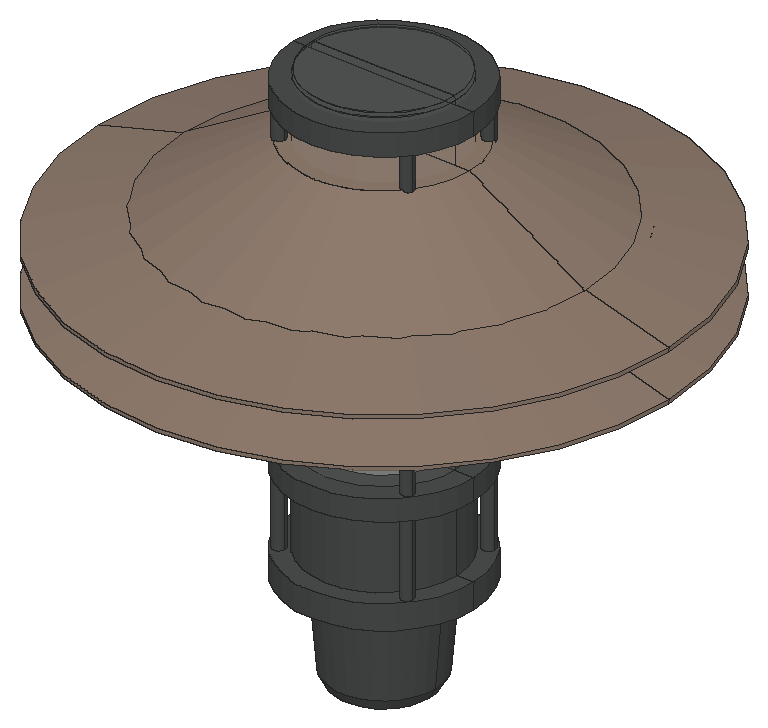
Revit family "SP2", category Lighting Fixtures, host Face, Revit 2014
Parameters
  Wattage Comments = "21"  # constant formula
  Wattage = 21 W
  Watt [instance] = 21 W
  built-in parameter 1150110 = 1 (stored number, unit not read)
  Voltage = 120 V
  URL = "https://www.hubbell.com/architecturalarealighting/en/"
  built-in parameter 1114217 = 1 (stored number, unit not read)
  Tilt Angle = 0.00°
  built-in parameter 1150109 = 1 (stored number, unit not read)
  built-in parameter 1150134 = 3
  built-in parameter 1150113 = 1 (stored number, unit not read)
  Straight Hood [instance] = yes
  Product Page URL = "https://www.hubbell.com/architecturalarealighting/en/Products/Lighting-Controls/Commercial-Outdoor-Lighting/Decorative-Post-Top/Spectra-Small/p/220842"
  Product Documentation Link = "https://hubbellcdn.com/specsheet/aal_sp2_led_spec.pdf"
  Photometric Web File = "SP2-ANG-GLA-9LED-BW.IES"
  Outter Dia = 23.50"
  Model = "SP2"  # constant formula
  Manufacturer = "Architectural Area Lighting"  # constant formula
  built-in parameter 1150105 = 88.57 (stored number, unit not read)
  Lumens = 1113 lm
  built-in parameter 1150115 = 1 (stored number, unit not read)
  Load Classification = Lighting
  built-in parameter 1150137 = (empty or 0)
  built-in parameter 1150139 = (empty or 0)
  Lens = Glass - Hubbell - White
  built-in parameter 1150112 = 1 (stored number, unit not read)
  built-in parameter 1150114 = 1 (stored number, unit not read)
  Lamp = "LED Lamp"  # constant formula
  Inner Dia = 16.00"
  built-in parameter 1150132 = (empty or 0)
  built-in parameter 1150102 = (empty or 0)
  built-in parameter 1150107 = 3200 (stored number, unit not read)
  built-in parameter 1150138 = (empty or 0)
  built-in parameter 1150106 = 0.8857 (stored number, unit not read)
  Hood = Hubbell-Aluminum-Metalic Bronze
  Height = 23.30"
  Glass = Hubbell-Glass-Frosted
  Flared Hood [instance] = yes
  Finish = Hubbell-Aluminum-Matte Black
  Features = "Four hood styles and four lens elements to configure a\r\nlook of harmony with your architecture\r\n• Symmetric or asymmetric distribution\r\n• Post-top, wall mount arm, or pole mount arm options\r\n• Adaptable appearance is perfect for contemporary or\r\ntraditional installations\r\n• Stainless steel struts\r\n• Powder coat finish in 13 standard colors with a polymer\r\nprimer sealer "  # constant formula
  Emit from Circle Diameter = 7.00"
  Emit Shape Visible in Rendering = no
  built-in parameter 1150104 = 4.9239 (stored number, unit not read)
  Double [instance] = yes
  Dimming Lamp Color Temperature Shift = <None>
  Description = "Spectra is designed to enhance contemporary environments during the day while producing comfortable illumination at night. 4 configurable styles of aluminum, natural brushed copper and or stainless steel hoods enable Spectra to carry the lighting designer's vision into a reality. Choice of diffused or indirect sources are capable of producing symmetric or asymmetric distributions. The Spectra family also includes a bollard and large scale luminaire."  # constant formula
  Default Elevation = 48.00"
  Create date = "07/02/2019"  # constant formula
  Contact us = "https://www.hubbell.com/architecturalarealighting/en/contactUs"
  Color Filter = 16777215
  built-in parameter 1114218 = 1 (stored number, unit not read)
  built-in parameter 1150133 = 10 (stored number, unit not read)
  Apparent Load = 0 VA
  Angled Hood [instance] = yes
Reference planes (in)
  plane 1 "Center (Front/Back)": y = 0
  plane 2: z = 0
  plane 3 "Center (Left/Right)": x = 0
  plane 4: x = -8
  plane 5: x = 8
  plane 6: x = 11.75
  plane 7: x = -11.75
  plane 8: z = 23.3
  plane 9: x = -3.75
  plane 10: x = 3.75
Forms (in)
  Revolve 1, solid, material "Hubbell-Glass-Frosted" <- "Glass"
    sketch origin (0, 0, 0) x (1, 0, 0) y (0, 0, 1)
      loop
        line (2.97855, 8.78791) -> (2.97855, 15.91291) -> (2.97855, 22.44322) -> (2.92603, 22.58753) -> (0, 22.58753) -> (0, 8.78791) -> (2.97855, 8.78791)
      axis (0, 22.58753) -> (0, 8.78791)
    angle from 0 to 360
  Revolve 2, solid, material "Hubbell-Aluminum-Metalic Bronze" <- "Hood", visible <- "Angled Hood"
    sketch origin (0, 0, 0) x (1, 0, 0) y (0, 0, 1)
      loop
        line (8.65, 15.8) -> (8.75, 15.8) -> (8.75, 17.05) -> (3.55385, 20.05) -> (0, 20.05) -> (0, 19.95) -> (3.52705, 19.95) -> (8.65, 16.99226) -> (8.65, 15.8)
      axis (0, 20.05) -> (0, 15.8)
    angle from 0 to 360
  Revolve 3, solid, material "Hubbell-Aluminum-Matte Black" <- "Finish"
    sketch origin (0, 0, 0) x (1, 0, 0) y (0, 0, 1)
      loop
        line (0, 3.91291) -> (3.72855, 3.91291) -> (3.72855, 4.91291) -> (0, 4.91291) -> (0, 3.91291)
      loop
        line (0, 7.91291) -> (3.72855, 7.91291) -> (3.72855, 8.78791) -> (0, 8.78791) -> (0, 7.91291)
      loop
        line (0, 21.41291) -> (3.72855, 21.41291) -> (3.72855, 22.28791) -> (0, 22.28791) -> (0, 21.41291)
      axis (0, 22.28791) -> (0, 3.91291)
    angle from 0 to 360
  Extrusion 4, solid, material "Hubbell-Aluminum-Matte Black" <- "Finish"
    sketch origin (-60, -180, 31.17106) x (-1, 0, 0) y (0, -1, 0)
      loop
        circle (-57.35419, -182.1008) r 0.25
      loop
        circle (-62.64581, -182.1008) r 0.25
      loop
        circle (-57.35419, -177.8992) r 0.25
      loop
        circle (-62.64581, -177.8992) r 0.25
    from -26.25814 to -9.75814
  Revolve 5, solid, material "Hubbell-Aluminum-Matte Black" <- "Finish"
    sketch origin (0, 0, 0) x (1, 0, 0) y (0, 0, 1)
      loop
        line (0, 0) -> (1.90065, 0) -> (2.15065, 0.43301) -> (2.43391, 3.67065) -> (2.19164, 3.91291) -> (0, 3.91291) -> (0, 0)
      loop
        line (0, 4.91291) -> (3, 4.91291) -> (3, 7.91291) -> (0, 7.91291) -> (0, 4.91291)
      axis (0, 7.91291) -> (0, 0)
    angle from 0 to 360
  Revolve 6, solid, material "Hubbell-Aluminum-Metalic Bronze" <- "Hood", visible <- "Flared Hood"
    sketch origin (0, 0, 0) x (1, 0, 0) y (0, 0, 1)
      loop
        line (0, 19.95) -> (0, 19.7) -> (3.52623, 19.7)
        arc (3.52623, 19.7) -> (7.10429, 17.4837) -> (11.01835, 15.93624) r 23.66675
        line (11.01835, 15.93624) -> (10.71785, 16.23674)
        arc (10.71785, 16.23674) -> (6.96117, 17.78105) -> (3.52705, 19.95) r 23.46675
        line (3.52705, 19.95) -> (0, 19.95)
      axis (0, 19.95) -> (0, 15.93624)
    angle from 0 to 360
  Revolve 7, solid, material "Hubbell-Aluminum-Metalic Bronze" <- "Hood", visible <- "Straight Hood"
    sketch origin (0, 0, 0) x (1, 0, 0) y (0, 0, 1)
      loop
        line (0, 18.8) -> (0, 18.63372) -> (2.81519, 18.63372) -> (11.75, 16.23964) -> (11.75, 16.38846) -> (2.75, 18.8) -> (0, 18.8)
      axis (0, 18.8) -> (0, 16.23964)
    angle from 0 to 360
  Revolve 8, solid, material "Hubbell-Aluminum-Metalic Bronze" <- "Hood", visible <- "Double"
    sketch origin (0, 0, 0) x (1, 0, 0) y (0, 0, 1)
      loop
        line (0.02198, 18.8) -> (0.02198, 18.68156) -> (2.49073, 18.68156) -> (8.75, 16.92897) -> (8.75, 17.05) -> (2.5, 18.8) -> (0.02198, 18.8)
      loop
        line (0.00636, 17.05) -> (0.00636, 16.93156) -> (2.49073, 16.93156) -> (11.75, 14.33897) -> (11.75, 14.46) -> (2.5, 17.05) -> (0.00636, 17.05)
      axis (0, 18.8) -> (0, 14.33897)
    angle from 0 to 360
  Revolve 9, solid, material "Glass - Hubbell - White" <- "Lens"
    sketch origin (0, 0, 0) x (1, 0, 0) y (0, 0, 1)
      loop
        line (0, 8.78791) -> (2.25, 8.78791) -> (2.17698, 9.20205)
        arc (2.17698, 9.20205) -> (2.12828, 9.3574) -> (2.12091, 9.52003) r 0.63158
        line (2.12091, 9.52003) -> (2.09132, 9.68784)
        arc (2.09132, 9.68784) -> (2.21794, 10.06284) -> (2.09132, 10.43784) r 0.61861
        arc (2.09132, 10.43784) -> (2.21794, 10.81284) -> (2.09132, 11.18784) r 0.61861
        arc (2.09132, 11.18784) -> (2.21794, 11.56284) -> (2.09132, 11.93784) r 0.61861
        arc (2.09132, 11.93784) -> (2.21794, 12.31284) -> (2.09132, 12.68784) r 0.61861
        arc (2.09132, 12.68784) -> (2.21794, 13.06284) -> (2.09132, 13.43784) r 0.61861
        arc (2.09132, 13.43784) -> (2.21794, 13.81284) -> (2.09132, 14.18784) r 0.61861
        arc (2.09132, 14.18784) -> (2.21794, 14.56284) -> (2.09132, 14.93784) r 0.61861
        arc (2.09132, 14.93784) -> (2.21794, 15.31284) -> (2.09132, 15.68784) r 0.61861
        line (2.09132, 15.68784) -> (0, 15.68784) -> (0, 8.78791)
      axis (0, 15.68784) -> (0, 8.78791)
    angle from 0 to 360
Dimensions and locks (in)
  "Outter Dia": plane 6 to plane 7
  "Inner Dia": plane 5 to plane 4
  "Height": plane 8 to plane 2
  plane 10 to plane 9 = 7.50"
  aligned and locked: plane 2 to host face
  aligned and locked: level to host face
Automatic sketch dimensions
  host sketch curve to host sketch curve = 96.00"
  host sketch curve to host sketch curve = 95.95855"
  Revolve 2 sketch curve to plane 3 "Center (Left/Right)" = 0.00"  (x2)
  Revolve 2 sketch curve to Revolve 2 sketch curve = 3.52705"
  Revolve 2 sketch curve to Revolve 2 sketch curve = 0.02679"
  plane 5 to Revolve 2 sketch curve = 0.75"
  Revolve 2 sketch curve to plane 8 = 7.50"
  Revolve 2 sketch curve to Revolve 2 sketch curve = 1.25"
  Revolve 2 sketch curve to plane 8 = 3.35"
  Revolve 2 sketch curve to Revolve 2 sketch curve = 0.10"  (x2)
  Revolve 2 sketch curve to level = 23.73963"
  Revolve 2 sketch curve to Revolve 2 sketch curve = 0.05774"
  plane 8 to Revolve 2 sketch curve = 47.92235"
  Revolve 3 sketch curve to plane 3 "Center (Left/Right)" = 0.00"  (x4)
  Revolve 3 sketch curve to plane 5 = 4.27145"  (x3)
  level to Revolve 3 sketch curve = 3.91291"
  Revolve 3 sketch curve to Revolve 3 sketch curve = 1.00"
  Revolve 3 sketch curve to Revolve 3 sketch curve = 3.00"
  Revolve 3 sketch curve to Revolve 3 sketch curve = 0.875"  (x2)
  Revolve 3 sketch curve to plane 8 = 1.88709"
  Revolve 3 sketch curve to level = 23.73963"
  plane 8 to Revolve 3 sketch curve = 47.92235"
  Revolve 1 sketch curve to plane 3 "Center (Left/Right)" = 0.00"  (x2)
  Revolve 1 sketch curve to plane 8 = 0.71247"
  plane 3 "Center (Left/Right)" to Revolve 1 sketch curve = 2.92603"
  plane 3 "Center (Left/Right)" to Revolve 1 sketch curve = 2.97855"
  Revolve 1 sketch curve to Revolve 1 sketch curve = 0.14431"
  Revolve 1 sketch curve to Revolve 1 sketch curve = 6.5303"
  Revolve 1 sketch curve to Revolve 1 sketch curve = 7.125"
  Revolve 1 sketch curve to level = 23.73963"
  plane 8 to Revolve 1 sketch curve = 47.92235"
  Revolve 5 sketch curve to plane 3 "Center (Left/Right)" = 0.00"  (x3)
  Revolve 5 sketch curve to level = 0.00"
  plane 3 "Center (Left/Right)" to Revolve 5 sketch curve = 1.90065"
  level to Revolve 5 sketch curve = 0.43301"
  Revolve 5 sketch curve to Revolve 5 sketch curve = 0.25"
  plane 3 "Center (Left/Right)" to Revolve 5 sketch curve = 2.19164"
  Revolve 5 sketch curve to Revolve 5 sketch curve = 0.24227"  (x2)
  plane 3 "Center (Left/Right)" to Revolve 5 sketch curve = 3.00"
  Revolve 5 sketch curve to Revolve 5 sketch curve = 3.23763"
  Revolve 5 sketch curve to Revolve 5 sketch curve = 4.00"
  Revolve 5 sketch curve to level = 23.73963"
  Revolve 5 sketch curve to Revolve 5 sketch curve = 1.00"
  plane 8 to Revolve 5 sketch curve = 47.92235"
  Extrusion 4 sketch curve to plane 10 = 1.10419"  (x2)
  plane 9 to Extrusion 4 sketch curve = 1.10419"  (x2)
  Extrusion 4 sketch curve to plane 1 "Center (Front/Back)" = 2.1008"  (x2)
  plane 1 "Center (Front/Back)" to Extrusion 4 sketch curve = 2.1008"  (x2)
  Revolve 6 sketch curve to Revolve 6 sketch curve = 0.00"  (x2)
  Revolve 6 sketch curve to plane 3 "Center (Left/Right)" = 0.00"  (x2)
  Revolve 6 sketch curve to plane 10 = 0.22377"
  Revolve 6 sketch curve to plane 10 = 0.22295"
  Revolve 6 sketch curve to plane 6 = 1.03215"
  Revolve 6 sketch curve to plane 6 = 0.73165"
  plane 6 to Revolve 6 sketch curve = 5.97833"
  Revolve 6 sketch curve to plane 8 = 7.36376"
  Revolve 6 sketch curve to Revolve 6 sketch curve = 0.3005"
  Revolve 6 sketch curve to Revolve 6 sketch curve = 3.46326"
  Revolve 6 sketch curve to level = 23.73963"
  Revolve 6 sketch curve to Revolve 6 sketch curve = 32.59048"
  Revolve 7 sketch curve to plane 3 "Center (Left/Right)" = 0.00"  (x2)
  Revolve 7 sketch curve to plane 6 = 0.00"
  Revolve 7 sketch curve to plane 10 = 1.00"
  Revolve 7 sketch curve to Revolve 7 sketch curve = 0.06519"
  Revolve 7 sketch curve to plane 8 = 7.06036"
  Revolve 7 sketch curve to Revolve 7 sketch curve = 0.14881"
  Revolve 7 sketch curve to plane 8 = 4.66628"
  Revolve 7 sketch curve to Revolve 7 sketch curve = 0.16628"
  Revolve 7 sketch curve to level = 23.73963"
  plane 8 to Revolve 7 sketch curve = 47.92235"
  plane 3 "Center (Left/Right)" to Revolve 8 sketch curve = 0.02198"
  plane 3 "Center (Left/Right)" to Revolve 8 sketch curve = 0.00636"
  Revolve 8 sketch curve to plane 10 = 1.25927"  (x2)
  Revolve 8 sketch curve to Revolve 8 sketch curve = 0.00927"  (x2)
  plane 5 to Revolve 8 sketch curve = 3.75"
  plane 5 to Revolve 8 sketch curve = 0.75"
  Revolve 8 sketch curve to plane 8 = 8.96103"
  Revolve 8 sketch curve to Revolve 8 sketch curve = 0.12103"  (x2)
  Revolve 8 sketch curve to Revolve 8 sketch curve = 2.46897"
  Revolve 8 sketch curve to plane 8 = 6.36844"
  Revolve 8 sketch curve to Revolve 8 sketch curve = 0.11844"  (x2)
  Revolve 8 sketch curve to Revolve 8 sketch curve = 1.63156"
  Revolve 9 sketch curve to plane 3 "Center (Left/Right)" = 0.00"
  plane 3 "Center (Left/Right)" to Revolve 9 sketch curve = 1.59933"  (x2)
  Revolve 9 sketch curve to Revolve 9 sketch curve = 0.00"  (x6)
  Revolve 9 sketch curve to Revolve 9 sketch curve = 0.49199"  (x8)
  Revolve 9 sketch curve to Revolve 9 sketch curve = 0.02959"
  Revolve 9 sketch curve to Revolve 9 sketch curve = 0.05607"
  Revolve 9 sketch curve to Revolve 9 sketch curve = 0.07302"
  Revolve 9 sketch curve to Revolve 9 sketch curve = 0.62935"
  level to Revolve 9 sketch curve = 8.78791"
  Revolve 9 sketch curve to Revolve 9 sketch curve = 0.41413"
  Revolve 9 sketch curve to Revolve 9 sketch curve = 0.26502"
  Revolve 9 sketch curve to Revolve 9 sketch curve = 0.16781"
  Revolve 9 sketch curve to Revolve 9 sketch curve = 0.375"  (x2)
  Revolve 9 sketch curve to Revolve 9 sketch curve = 0.75"  (x7)
  plane 3 "Center (Left/Right)" to Revolve 9 sketch curve = 0.00"
  Revolve 9 sketch curve to level = 23.73963"
  plane 8 to Revolve 9 sketch curve = 47.92235"
  radius of Extrusion 4 sketch curve = 0.25"  (x4)
Connectors (in)
  electrical at (0, 0, 22.28791), driven by "Voltage", driven by "Apparent Load"
    settings: on Revolve 3, index 1, voltage 120 V, apparent load 0 VA, apparent load phase1 0 VA, apparent load phase2 0 VA, apparent load phase3 0 VA, power factor 0.9, load classification "Other", number of poles 1, system type 30, power factor state 1, is connector primary yes, connector utility no, sub classification motor no, connector description "Electrical Connector"
